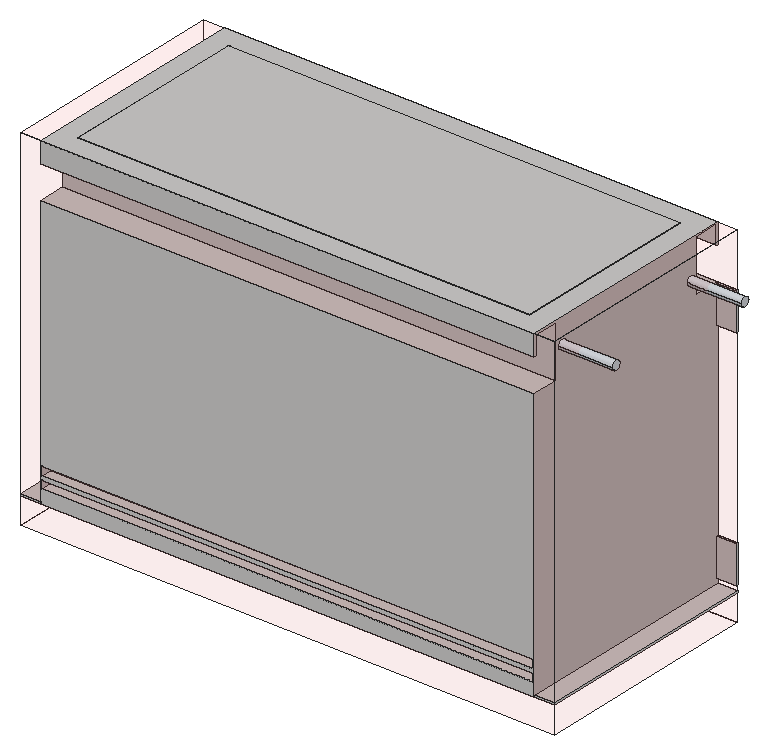
Revit family "Air-Curtain_Industrial_PoweredAire_Steam", category Mechanical Equipment, host Face, Revit 2018
Family settings
  Host = Face
  Round Connector Dimension = Use Diameter
  Part Type = Normal
  OmniClass Number = 23.75.35.17.21
  OmniClass Title = Air Curtains
  Cut with Voids When Loaded = No
  Shared = No
  Room Calculation Point = No
Parameters
  upperrotation [instance] = if(Upper Pipe Connection Side A, 0.00°, 180.00°)  # 0.00°
  topbracket [instance] = and(Unit Height = 1' 4 3/4", Unit Depth = 1' 11 3/4")  # yes
  lowerrotation [instance] = if(Lower Pipe Connection Side A, 0.00°, 180.00°)  # 0.00°
  locateupperpipe [instance] = if(Upper Pipe Connection Side A, 0' 0", Nozzle Width)  # 0' - 0"
  locatelowerpipe [instance] = if(Lower Pipe Connection Side A, 0' 0", Nozzle Width)  # 0' - 0"
  Warranty Duration (Years) = 0
  Upper Pipe Connection Side A [instance] = yes
  Unit Width Notes = "Other Widths available."  # constant formula
  Unit Width = 3' - 3"
  Unit Weight = 0
  Unit Height = 1' - 4 3/4"
  Unit Depth = 1' - 11 3/4"
  URL = "http://www.poweredaire.com/"
  Test Data = ""
  Standards Conformance = "as Specified"
  Specification = "http://www.arcat.com/sdspecs/htm04/23_34_33pai.htm"
  SpecWizard = ""
  Sound Pressure = "as Specified"
  Sales Information = "http://www.poweredaire.com/contact_us"
  Revision = "R1_2016-08"
  Projection from Host [instance] = 0' - 2"
  Product Properties = ""
  Product Data = "http://www.arcat.com/arcatcos/cos47/arc47623.html"
  Power Rating = 0 W
  Piping_Water Flow [instance] = 0 GPM
  Piping_Operating Pressure [instance] = 0.00 psi
  Piping_Exit Temperature [instance] = 0 °F
  Piping_Entry Temperature [instance] = 0 °F
  Pipe OD [instance] = 5/8"
  Nozzle Width = if(1 = 1, Unit Width - 0' 3", 0' 0")  # 3' - 0"
  Mounting Width = if(1 = 1, Unit Width - 0' 1 1/2", 0' 0")  # 3' - 1 1/2"
  Mounting Height [instance] = 3' - 6"
  Motor RPM = 0
  Motor HP = 0
  Motor Count = 0
  Model = "As Specified"
  Max Height = 0' - 0"
  Manufacturer Website = "http://www.poweredaire.com/"
  Manufacturer Phone - Toll Free = "888-321-2473"
  Manufacturer Phone = "724-588-3305"
  Manufacturer Fax = "724-588-3371"
  Manufacturer Address = "109 Mortensen Rd.  Greenville, PA 16125"
  Manufacturer = "Powered Aire, Inc"
  Maintenance Schedule (Months) = 0
  Lower Pipe Connection Side A [instance] = yes
  Keynote = "23 34 33"
  Installation-Fabrication = ""
  Installation Phase = ""
  Include Clearance [instance] = yes
  Heating Element Load = 0 W
  HVAC_Temperature Rise = 0 °F
  HVAC_Outlet Volume = 0 CFM
  HVAC_Outlet Velocity Uniformity = 0
  HVAC_Outlet Velocity = 0 FPM
  HVAC_BTU Input = 0.0 Btu/h
  Green Building-LEED = "http://www.arcat.com/green/clients/leed_data_47623.html"
  Front Grating Material [instance] = Metal - Steel - PoweredAire - Stainless 304 Perforated
  Frame Finish [instance] = Metal - Steel - PoweredAire - Stainless 304
  Expected Lifespan (Years) = 0
  Electrical_Wattage [instance] = Power Rating + Heating Element Load  # 0 W
  Electrical_Voltage [instance] = 0 V
  Electrical_Phase [instance] = 1
  Electrical_Frequency [instance] = 0 Hz
  Electrical_Amperage [instance] = 0 A
  Drawn By = "Sumex Design, Inc. / Robert S. Weygant, CSI, CDT, SCIP"
  Description = "Powered Aire Air Curtain as Specified"
  Default Elevation = 0' - 0"  # constant formula
  Copyright = "©Arcat Inc."
  Construction Details = "http://www.arcat.com/details/powair/prod3336.html"
  Clearance_Top [instance] = 0' - 0"
  Clearance_Side B [instance] = 0' - 0"
  Clearance_Side A [instance] = 0' - 0"
  Clearance_Intake [instance] = 0' - 0"
  Clearance_Bottom [instance] = 0' - 0"
  Clearance Material [instance] = ARCAT Clearance
  Building Codes = ""
  Available Options [instance] = "as Specified"
  Assembly Code = "D3090400"
Reference planes (in)
  plane 1 "Center (Elevation)": y = 0.13818
  plane 2: z = 0
  plane 3 "Center (Left/Right)": x = 0
  plane 4: y = 8.51318
  plane 5: y = -8.23682
  plane 6: x = -19.5
  plane 7: x = 19.5
  plane 8: z = 25.75
  plane 9 "FF": y = -41.86182
  plane 10: z = 2
  plane 11: x = 18
  plane 12: x = -18
  plane 13: y = 8.51318
  plane 14: y = -8.23682
  plane 15: x = -19.5
  plane 16: x = 19.5
  plane 17: z = 25.75
  plane 18: x = 17.9375
  plane 19: x = -17.9375
  plane 20: x = 18
  plane 21: x = 18
  plane 22: y = 6.01318
  plane 23: y = -5.73682
Forms (in)
  Extrusion 1, solid, material "Metal - Steel - PoweredAire - Stainless 304" <- "Frame Finish"
    sketch origin (0, 0, 0) x (0, 1, 0) y (0, 0, 1)
      loop
        line (-8.23682, 2) -> (8.51318, 2) -> (8.51318, 21.8125) -> (6.51318, 21.8125) -> (6.51318, 25.625) -> (8.38818, 25.625) -> (8.38818, 24.25) -> (8.51318, 24.25) -> (8.51318, 25.75) -> (-8.23682, 25.75) -> (-8.23682, 24.25) -> (-8.11182, 24.25) -> (-8.11182, 25.625) -> (-6.23682, 25.625) -> (-6.23682, 21.8125) -> (-8.23682, 21.8125) -> (-8.23682, 2)
    from -18 to 18
  Extrusion 2, solid, material "ARCAT Clearance" <- "Clearance Material", visible <- "Include Clearance"
    sketch origin (0, 0, 0) x (0, 1, 0) y (0, 0, 1)
      loop
        line (-8.23682, 25.75) -> (-8.23682, 0) -> (8.51318, 0) -> (8.51318, 25.75) -> (-8.23682, 25.75)
    from -19.5 to 19.5
  Extrusion 3, solid, material "Metal - Steel - PoweredAire - Stainless 304" <- "Frame Finish"
    sketch origin (-15.17702, -180, 2) x (-1, 0, 0) y (0, -1, 0)
      loop
        line (-33.17702, -188.51318) -> (-33.17702, -171.76318) -> (-34.67702, -171.76318) -> (-34.67702, -188.51318) -> (-33.17702, -188.51318)
      loop
        line (2.82298, -188.51318) -> (4.32298, -188.51318) -> (4.32298, -171.76318) -> (2.82298, -171.76318) -> (2.82298, -188.51318)
    from 0 to 0.125
  Extrusion 4, solid, material "Metal - Steel - PoweredAire - Stainless 304" <- "Frame Finish", visible <- "topbracket"
    sketch origin (-11.83813, 8.51318, 48) x (-1, 0, 0) y (0, 0, 1)
      loop
        line (-29.83813, -45.5) -> (-29.83813, -42.75) -> (-31.33813, -42.75) -> (-31.33813, -45.5) -> (-29.83813, -45.5)
      loop
        line (-29.83813, -28.9375) -> (-29.83813, -26.1875) -> (-31.33813, -26.1875) -> (-31.33813, -28.9375) -> (-29.83813, -28.9375)
      loop
        line (6.16187, -45.5) -> (7.66187, -45.5) -> (7.66187, -42.75) -> (6.16187, -42.75) -> (6.16187, -45.5)
      loop
        line (6.16187, -28.9375) -> (7.66187, -28.9375) -> (7.66187, -26.1875) -> (6.16187, -26.1875) -> (6.16187, -28.9375)
    from 0 to -0.125
  Extrusion 5, void
    sketch origin (0, 0, 0) x (0, 1, 0) y (0, 0, 1)
      loop
        line (-8.23682, 3) -> (-7.23682, 3) -> (-7.23682, 4.5) -> (-8.23682, 4.5) -> (-8.23682, 3.82425) -> (-7.38364, 3.82425) -> (-7.38364, 3.57425) -> (-8.23682, 3.57425) -> (-8.23682, 3)
    from -17.9375 to 17.9375
  Extrusion 6, solid, material "Metal - Steel - PoweredAire - Stainless 304 Perforated" <- "Front Grating Material"
    sketch origin (0, -8.23682, 25.75) x (0, 1, 0) y (-1, 0, 0)
      loop
        line (15.25, 16.5) -> (1.5, 16.5) -> (1.5, -16.5) -> (15.25, -16.5) -> (15.25, 16.5)
    from 0 to 0.03125
  Sweep 7, solid
    path origin (18, 6.01318, 0) x (1, 0, 0) y (0, 1, 0)
      loop
        line (0, 0) -> (4, 0)
    profile origin (20, 6.01318, 0) x (0, 1, 0) y (0, 0, 1)
      loop
        circle (0, 23) r 0.3125
  Sweep 8, solid
    path origin (18, -5.73682, 0) x (1, 0, 0) y (0, 1, 0)
      loop
        line (0, 0) -> (4, 0)
    profile origin (20, -5.73682, 0) x (0, 1, 0) y (0, 0, 1)
      loop
        circle (0, 24) r 0.3125
Cuts and joins
  Extrusion 5 cuts Extrusion 1
Lines and regions (in)
  reference lines
    curve 1: line (18, 6.01318, 0) -> (22.75, 6.01318, 0)
    curve 2: line (18, -5.73682, 0) -> (23.75, -5.73682, 0)
Dimensions and locks (in)
  equal spacing: plane 4, plane 1 "Center (Elevation)", plane 5
  "Unit Height": plane 4 to plane 5
  equal spacing: plane 6, plane 3 "Center (Left/Right)", plane 7
  "Unit Width": plane 6 to plane 7
  "Mounting Height": plane 1 "Center (Elevation)" to plane 9 "FF"
  "Projection from Host": plane 10 to level
  "Unit Depth": plane 8 to plane 10
  locked: plane 6 to plane 12 at 1.5
  locked: plane 11 to plane 7 at 1.5
  "Clearance_Side A": plane 7 to plane 16
  "Clearance_Side B": plane 15 to plane 6
  "Clearance_Top": plane 13 to plane 4
  "Clearance_Bottom": plane 5 to plane 14
  "Clearance_Intake": plane 17 to plane 8
  plane 5 to Extrusion 1 sketch curve to Extrusion 1 sketch curve = 0' - 0 1/8" locked, 0' - 1 7/8" locked
  Extrusion 1 sketch curve to Extrusion 1 sketch curve to plane 4 = 0' - 1 7/8" locked, 0' - 0 1/8" locked
  Extrusion 4 sketch curve to Extrusion 4 sketch curve to Extrusion 4 sketch curve to Extrusion 4 sketch curve to plane 10 = 0' - 2 3/4" locked, 1' - 1 13/16" locked, 0' - 2 3/4" locked, 0' - 0 1/2" locked
  Extrusion 4 sketch curve to Extrusion 4 sketch curve to Extrusion 4 sketch curve to Extrusion 4 sketch curve = 0' - 2 3/4" locked, 1' - 1 13/16" locked, 0' - 2 3/4" locked
  locked: Extrusion 4 sketch curve to plane 10 at 0.5
  plane 8 to Extrusion 1 sketch curve to Extrusion 1 sketch curve = 0' - 0 1/8" locked, 0' - 1 3/8" locked  (x2)
  locked: Extrusion 1 sketch curve to plane 10 at 19.8125  (x2)
  Extrusion 5 sketch curve to Extrusion 5 sketch curve to Extrusion 5 sketch curve to Extrusion 5 sketch curve to plane 10 = 0' - 0.67575" locked, 0' - 0 1/4" locked, 0' - 0.57425" locked, 0' - 1" locked
  plane 5 to Extrusion 5 sketch curve to Extrusion 5 sketch curve = 0' - 0.85319" locked, 0' - 0.14681" locked
  locked: plane 19 to plane 12 at 0.0625
  locked: plane 11 to plane 18 at 0.0625
  locked: plane 4 to Extrusion 6 sketch curve at 1.5
  locked: Extrusion 6 sketch curve to plane 5 at 1.5
  locked: Extrusion 6 sketch curve to plane 11 at 1.5
  locked: plane 12 to Extrusion 6 sketch curve at 1.5
  "locateupperpipe": plane 20 to plane 11
  "locatelowerpipe": plane 21 to plane 11
  locked: plane 4 to plane 22 at 2.5
  locked: plane 23 to plane 5 at 2.5
  locked: curve 1 to Sweep 7 sketch curve at 4
  locked: curve 1 to Sweep 7 sketch curve
  locked: Sweep 7 sketch curve to plane 10 at 21
  locked: curve 2 to Sweep 8 sketch curve at 4
  locked: curve 2 to Sweep 8 sketch curve
  locked: Sweep 8 sketch curve to plane 10 at 22
  "upperrotation": angle plane 22 to curve 1
  "lowerrotation": angle plane 23 to curve 2
  aligned and locked: plane 2 to host face
  aligned and locked: level to host face
  aligned and locked: Extrusion 2 sketch curve to plane 17
  aligned and locked: plane 14 to Extrusion 2 sketch curve
  aligned and locked: level to Extrusion 2 sketch curve
  aligned and locked: Extrusion 2 sketch curve to plane 13
  aligned and locked: plane 16 to Extrusion 2
  aligned and locked: Extrusion 2 to plane 15
  aligned and locked: plane 11 to Extrusion 1
  aligned and locked: Extrusion 1 to plane 12
  aligned and locked: plane 21 to curve 2
  aligned and locked: plane 23 to curve 2
  aligned and locked: plane 22 to curve 1
  aligned and locked: plane 20 to curve 1
Automatic sketch dimensions
  host sketch curve to host sketch curve = 8' - 0"  (x2)
  Extrusion 1 sketch curve to plane 5 = 0' - 0"  (x2)
  Extrusion 1 sketch curve to plane 4 = 0' - 0"  (x2)
  Extrusion 1 sketch curve to plane 10 = 0' - 0"
  Extrusion 1 sketch curve to plane 8 = 0' - 0"
  plane 4 to Extrusion 3 sketch curve = 0' - 0"
  Extrusion 3 sketch curve to plane 7 = 0' - 0"
  plane 5 to Extrusion 3 sketch curve = 0' - 0"
  Extrusion 3 sketch curve to plane 11 = 0' - 0"
  Extrusion 3 sketch curve to plane 4 = 0' - 0"
  Extrusion 3 sketch curve to plane 12 = 0' - 0"
  Extrusion 3 sketch curve to plane 6 = 0' - 0"
  Extrusion 3 sketch curve to plane 5 = 0' - 0"
  Extrusion 4 sketch curve to plane 7 = 0' - 0"  (x2)
  Extrusion 4 sketch curve to plane 11 = 0' - 0"  (x2)
  Extrusion 4 sketch curve to plane 12 = 0' - 0"  (x2)
  Extrusion 4 sketch curve to plane 6 = 0' - 0"  (x2)
  Extrusion 5 sketch curve to plane 5 = 0' - 0"  (x2)
  Sweep 7 sketch curve to profile plane = 0' - 0"
  Sweep 8 sketch curve to profile plane = 0' - 0"
  radius of Sweep 7 sketch curve = 0' - 0 5/16"
  radius of Sweep 8 sketch curve = 0' - 0 5/16"
Connectors (in)
  piping at (22, 6.01318, 23), diameter 0.625, driven by "Pipe OD", driven by "Piping_Water Flow"
    settings: on Sweep 7, index 1, connector inside diameter 24", connector length 0' - 0", flow factor 0, pipe flow 0 GPM, pressure drop 0.00 psi, fitting loss kfactor 0, connector angle 0.00°, fixture units 0, engagement length 0' - 0", angle of deflection 0.00°, flow configuration 0, flow direction 0, fitting loss method 0, system type 29, joint type 0, gender type 0, connector reference index -1, connector utility 0, adjustable connector no, is connector primary yes, connector description "Define Supply or Return and Location"
  piping at (22, -5.73682, 24), diameter 0.625, driven by "Pipe OD", driven by "Piping_Water Flow"
    settings: on Sweep 8, index 2, connector inside diameter 24", connector length 0' - 0", flow factor 0, pipe flow 0 GPM, pressure drop 0.00 psi, fitting loss kfactor 0, connector angle 0.00°, fixture units 0, engagement length 0' - 0", angle of deflection 0.00°, flow configuration 0, flow direction 0, fitting loss method 0, system type 29, joint type 0, gender type 0, connector reference index -1, connector utility 0, adjustable connector no, is connector primary no, connector description "Define Supply or Return and Location"
  electrical at (-18, 0.13818, 21.39062), driven by "Electrical_Voltage", driven by "Electrical_Phase"
    settings: on cut or joined group of Extrusion 1, Extrusion 5, index 3, voltage 0 V, apparent load 0 VA, apparent load phase1 0 VA, apparent load phase2 0 VA, apparent load phase3 0 VA, power factor 1, load classification "Motor", number of poles 1, system type 31, power factor state 1, is connector primary yes, connector utility no, sub classification motor no, connector description ""
